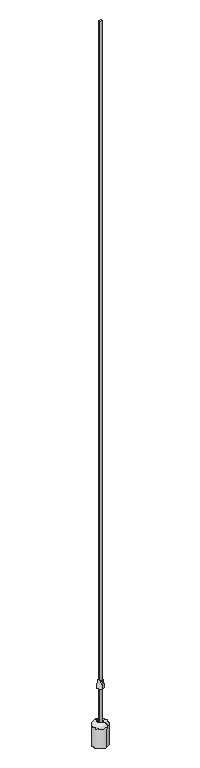
Revit family "EBB Bounce", category Lighting Fixtures, host Ceiling, Revit 2018
Family settings
  Host = Ceiling
  Round Connector Dimension = Use Diameter
  Part Type = Normal
  OmniClass Number = 23.80.70.11
  OmniClass Title = Luminaries for Internal Lighting
  Always vertical = Yes
  Cut with Voids When Loaded = No
  Light Source = Yes
  Shared = No
  Room Calculation Point = No
Parameters (values of type "Generic")
  Wattage Comments = "Max. 60 Watts. Lamp is NOT provided."
  Wattage = 6.7321 W
  built-in parameter 1150110 = 1 (stored number, unit not read)
  URL = "https://www.davidtrubridge.com"
  Type Comments = "Confirm with supplier for size, finishes and installation"
  built-in parameter 1114217 = 1 (stored number, unit not read)
  built-in parameter 1150109 = 1 (stored number, unit not read)
  built-in parameter 1150134 = (empty or 0)
  built-in parameter 1150113 = 1 (stored number, unit not read)
  Model = ""
  Manufacturer = "David Trubridge"
  Lumens = 1000 lm
  built-in parameter 1150115 = 1 (stored number, unit not read)
  built-in parameter 1150105 = 79.577 (stored number, unit not read)
  Suspension Lamp [instance] = 2000 mm
  Light Source Symbol Size = 300 mm
  built-in parameter 1150137 = (empty or 0)
  built-in parameter 1150139 = (empty or 0)
  Lamp Wattage = 0 W
  built-in parameter 1150112 = 1 (stored number, unit not read)
  built-in parameter 1150114 = 1 (stored number, unit not read)
  Lamp = "E27 / (E26 USA)"
  built-in parameter 1150132 = 2
  built-in parameter 1150102 = (empty or 0)
  built-in parameter 1150138 = (empty or 0)
  built-in parameter 1150107 = 3000 (stored number, unit not read)
  built-in parameter 1150106 = 0.79577 (stored number, unit not read)
  built-in parameter 1150104 = 13.8 (stored number, unit not read)
  Dimming Lamp Color Temperature Shift = <None>
  Description = "Pendant luminaire. Lamp and ceiling rose is not supplied"
  Cordset Finish = Plastic, Opaque White
  Color Filter = 16777215
  built-in parameter 1114218 = 1 (stored number, unit not read)
  built-in parameter 1150133 = 10 (stored number, unit not read)
  Apparent Load = 0 VA
Reference planes
  plane 1 "Light Source Axis (F/B)": y = 0
  plane 2: z = 0
  plane 3 "Light Source Axis (L/R)": x = 0
  plane 4 "Ceiling": z = 4000
  plane 5 "Light Source Elevation": z = 2000
  plane 6 "Top of pendant": z = 2203.668
  plane 7 "Light Socket": z = 2050
  plane 8 "Outer edge": x = -230
  plane 9 "Outer Edge": x = 230
  plane 10 "Bottom of Pendant": z = 1763.668
Forms (mm)
  Revolve 1, solid, material "Plastic, Opaque White" <- "Cordset Finish"
    sketch origin (0, 0, -205) x (1, 0, 0) y (0, 0, 1)
      loop
        line (0, 2317) -> (0, 2255) -> (20, 2255) -> (20, 2307)
        arc (20, 2307) -> (17.071, 2314.071) -> (10, 2317) r 10
        line (10, 2317) -> (0, 2317)
      axis (0, 2255) -> (0, 2317)
    angle from 0 to 360
  Extrusion 2, solid, material "Plastic, Opaque White" <- "Cordset Finish"
    sketch origin (0, 0, 3200) x (0, 1, 0) y (-1, 0, 0)
      loop
        circle (0, 0) r 3
    from -996.332 to 800
  Extrusion 3, solid, material "Plastic, Opaque White" <- "Cordset Finish"
    sketch origin (0, 0, 3200) x (0, 1, 0) y (-1, 0, 0)
      loop
        circle (0, 0) r 3
    from -1150 to -996.332
  Revolve 4, solid, material "Plastic, Opaque White" <- "Cordset Finish"
    sketch origin (0, 0, -40) x (1, 0, 0) y (0, 0, 1)
      loop
        line (0, 2263.668) -> (0, 2243.668) -> (7.5, 2243.668) -> (5, 2263.668) -> (0, 2263.668)
      axis (0, 2243.668) -> (0, 2263.668)
    angle from 0 to 360
Dimensions and locks
  equal spacing: host sketch curve, plane 3 "Light Source Axis (L/R)", host sketch curve
  equal spacing: host sketch curve, plane 1 "Light Source Axis (F/B)", host sketch curve
  host sketch curve to host sketch curve = 4000 mm  (x2)
  host ceiling to plane 4 "Ceiling" = 0 mm
  plane 4 "Ceiling" to level = 4000 mm
  "Suspension Lamp": plane 5 "Light Source Elevation" to plane 4 "Ceiling"
  plane 5 "Light Source Elevation" to plane 6 "Top of pendant" = 203.668 mm
  locked: plane 5 "Light Source Elevation" to plane 7 "Light Socket" at 50
  plane 9 "Outer Edge" to plane 8 "Outer edge" = 460 mm
  plane 8 "Outer edge" to plane 9 "Outer Edge" = 460 mm
  plane 10 "Bottom of Pendant" to plane 6 "Top of pendant" = 440 mm
  plane 3 "Light Source Axis (L/R)" to plane 8 "Outer edge" = 230 mm
  Revolve 4 to plane 4 "Ceiling" = 1796.332 mm
  plane 9 "Outer Edge" to plane 3 "Light Source Axis (L/R)" = 230 mm
  aligned and locked: plane 3 "Light Source Axis (L/R)" to imposter light
  aligned and locked: plane 1 "Light Source Axis (F/B)" to imposter light
  aligned and locked: plane 5 "Light Source Elevation" to imposter light
  aligned and locked: plane 6 "Top of pendant" to Extrusion 2
  aligned and locked: Extrusion 3 to Revolve 1
  aligned and locked: plane 7 "Light Socket" to Extrusion 3
  aligned and locked: level to plane 2
  aligned and locked: Extrusion 3 to plane 6 "Top of pendant"
  aligned and locked: Extrusion 2 to plane 4 "Ceiling"
  aligned and locked: plane 6 "Top of pendant" to Revolve 4
Automatic sketch dimensions
  Revolve 1 sketch curve to plane 3 "Light Source Axis (L/R)" = 0 mm
  plane 3 "Light Source Axis (L/R)" to Revolve 1 sketch curve = 0 mm
  plane 3 "Light Source Axis (L/R)" to Revolve 1 sketch curve = 10 mm
  Revolve 1 sketch curve to Revolve 1 sketch curve = 20 mm
  Revolve 1 sketch curve to plane 5 "Light Source Elevation" = 50 mm
  Revolve 1 sketch curve to Revolve 1 sketch curve = 52 mm
  Revolve 1 sketch curve to level = 563.228 mm
  Revolve 1 sketch curve to plane 4 "Ceiling" = 157.185 mm
  plane 1 "Light Source Axis (F/B)" to Extrusion 2 sketch curve = 0 mm
  Extrusion 2 sketch curve to plane 3 "Light Source Axis (L/R)" = 0 mm
  plane 1 "Light Source Axis (F/B)" to Extrusion 3 sketch curve = 0 mm
  Extrusion 3 sketch curve to plane 3 "Light Source Axis (L/R)" = 0 mm
  Revolve 4 sketch curve to plane 3 "Light Source Axis (L/R)" = 0 mm  (x2)
  Revolve 4 sketch curve to plane 6 "Top of pendant" = 0 mm
  plane 3 "Light Source Axis (L/R)" to Revolve 4 sketch curve = 5 mm
  plane 3 "Light Source Axis (L/R)" to Revolve 4 sketch curve = 7.5 mm
  Revolve 4 sketch curve to plane 6 "Top of pendant" = 20 mm
  Revolve 4 sketch curve to level = 344.8 mm
  plane 4 "Ceiling" to Revolve 4 sketch curve = 40 mm
  radius of Extrusion 2 sketch curve = 3 mm
  radius of Extrusion 3 sketch curve = 3 mm
Connectors
  electrical at (0, 0, 4000)
    settings: index 1, voltage 0 V, apparent load 0 VA, apparent load phase1 0 VA, apparent load phase2 0 VA, apparent load phase3 0 VA, power factor 1, load classification "Other", number of poles 1, system type 30, power factor state 0, is connector primary yes, connector utility no, sub classification motor no, connector description ""
